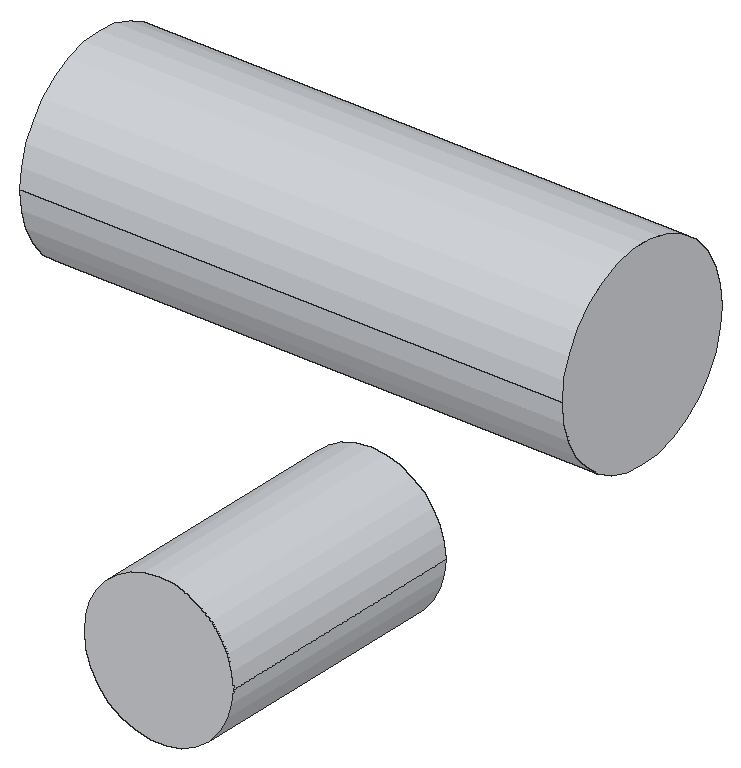
Revit family "26", category Plumbing Fixtures, Revit 2014
Parameters (values of type "26")
  Vent Connection = yes
  URL = "http://www.helvex.com.mx/contenido.php?producto=333"
  Type Comments = "Drains"
  Plate Diameter = 7.1"
  Model = "26"
  Minimum Height = 5.7"
  Maximum Height = 7.1"
  Manufacturer = "Helvex"
  Installation Thread Upper = "2\" - 11 ½ NPSM"
  Installation Thread Lower = "1 ½\" - 11 NPSM"
  Features = "Integrated Cesspool, Double Drain Plate, Hydraulic Seal, Functions as Solid Trap"
  Elevation Range = "0.6\" - 1.4\""
  Drain = Brass
  Documentation = "http://www.helvex.com.mx/productos/fichas/26.pdf"
  Description = "Floor Drain Three Outlets With Blank Cover"
  Cover = Stainless Steel
  CW Connection = yes
  Body = Iron, Cast
Reference planes (in)
  plane 1 "Center (Front/Back)": y = 0
  plane 2: z = 0
  plane 3 "Center (Left/Right)": x = 0
Forms (in)
  Extrusion 1, solid
    sketch origin (0, 0, -0.63) x (1, 0, 0) y (0, 0, 1)
      loop
        circle (0, -4.7138) r 0.75
    from 0 to 2.665
  Extrusion 2, solid
    sketch origin (0, 0, -0.63) x (0, 1, 0) y (0, 0, 1)
      loop
        circle (0, -2.16855) r 1
    from -2.729 to 2.729
Dimensions and locks (in)
  aligned and locked: level to plane 2
Connectors (in)
  piping at (2.729, 0, -2.79855), diameter 2, driven by "CW Connection"
    settings: on Extrusion 2, index 1, connector inside diameter 609.6 mm, connector length 0", flow factor 0, pipe flow 0.0 GPM, pressure drop 0.0 psi, fitting loss kfactor 0, connector angle 0.00°, fixture units 0, engagement length 0", angle of deflection 0.00°, flow configuration 2, flow direction 2, fitting loss method 0, system type 16, joint type 0, gender type 0, connector reference index -1, connector utility 1, adjustable connector no, is connector primary yes, connector description ""
  piping at (0, -2.665, -5.3438), diameter 1.5, driven by "CW Connection"
    settings: on Extrusion 1, index 2, connector inside diameter 609.6 mm, connector length 0", flow factor 0, pipe flow 0.0 GPM, pressure drop 0.0 psi, fitting loss kfactor 0, connector angle 0.00°, fixture units 0, engagement length 0", angle of deflection 0.00°, flow configuration 2, flow direction 1, fitting loss method 0, system type 16, joint type 0, gender type 0, connector reference index -1, connector utility 1, adjustable connector no, is connector primary no, connector description ""
  piping at (-2.729, 0, -2.79855), diameter 2, driven by "CW Connection"
    settings: on Extrusion 2, index 3, connector inside diameter 609.6 mm, connector length 0", flow factor 0, pipe flow 0.0 GPM, pressure drop 0.0 psi, fitting loss kfactor 0, connector angle 0.00°, fixture units 0, engagement length 0", angle of deflection 0.00°, flow configuration 2, flow direction 2, fitting loss method 0, system type 16, joint type 0, gender type 0, connector reference index -1, connector utility 1, adjustable connector no, is connector primary no, connector description ""
